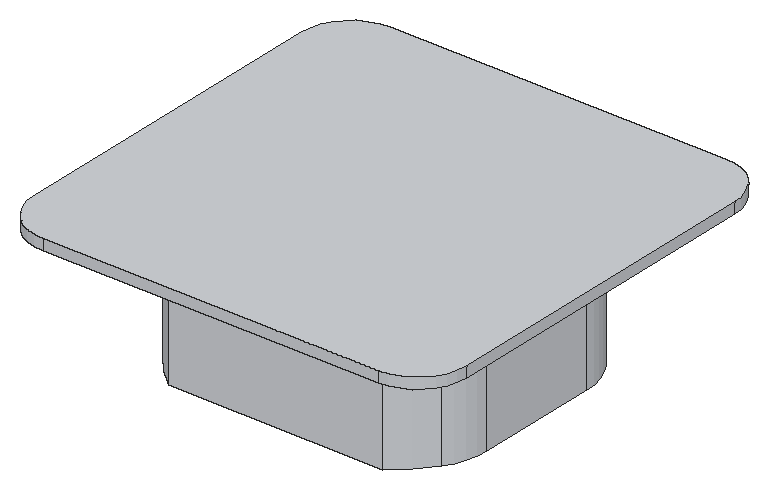
Revit family "Gira_004600", category Electrical Fixtures, host Face, Revit 2017
Family settings
  Host = Face
  Maintain Annotation Orientation = Yes
  Round Connector Dimension = Use Diameter
  Part Type = Normal
  Cut with Voids When Loaded = No
  Shared = No
  Room Calculation Point = No
Parameters (values of type "Antennensteckd. EDU 04 F Einsatz")
  URL = "http://katalog.gira.de/de_DE/datenblatt.html?artikelnr=004600"
  Region = "DE"
  Name = "Antennensteckd. EDU 04 F Einsatz"
  Manufacturer URL = "https://www.gira.de/"
  Keynote = "Einsatz_1fach"
  Kabelmodemtauglich = "Yes"
  HeinzeBIM = "https://bimportal.heinze.de/bim/antennensteckd-edu-04-f-einsatz/720ada89a39eb3c7da4a19638e26af7ddd6bef4e"
  HAN = "004600"
  GTIN = "4010337046004"
  Frequenz = "4000000 - 2400000000"
  Fernspeisetauglich = "No"
  Default Elevation = 1219.2 mm
  Data sheet (1) = "https://katalog.gira.de/de_DE/download.html?artikelnr=004600"
  Category = "Antennensteckdose"
  Available = "Yes"
  Ausführung = "Durchgangsdose"
  Anzahl der Auslässe = "2 "
  Anschlussdämpfung bei 860 MHz = "0,5 B"
  Anschlussdämpfung bei 2150 MHz = "0,5 B"
Reference planes
  plane 1 "Center (Front/Back)": y = 0
  plane 2: z = 0
  plane 3 "Center (Left/Right)": x = 0
Forms (mm)
  Extrusion 1, solid, detail levels fine
    sketch origin (0, 0, 0) x (1, 0, 0) y (0, 1, 0)
      loop
        line (27.475, 35.475) -> (-27.475, 35.475)
        arc (-27.475, 35.475) -> (-33.132, 33.132) -> (-35.475, 27.475) r 8
        line (-35.475, 27.475) -> (-35.475, -27.475)
        arc (-35.475, -27.475) -> (-33.132, -33.132) -> (-27.475, -35.475) r 8
        line (-27.475, -35.475) -> (27.475, -35.475)
        arc (27.475, -35.475) -> (33.132, -33.132) -> (35.475, -27.475) r 8
        line (35.475, -27.475) -> (35.475, 27.475)
        arc (35.475, 27.475) -> (33.132, 33.132) -> (27.475, 35.475) r 8
    from 0 to 1.8
  Extrusion 2, solid, detail levels fine
    sketch origin (0, 0, 0) x (1, 0, 0) y (0, 1, 0)
      loop
        line (9.678, 25.4) -> (-9.678, 25.4)
        arc (-9.678, 25.4) -> (-12.885, 24.922) -> (-15.814, 23.53) r 11
        arc (-15.814, 23.53) -> (-17.795, 22.07) -> (-19.641, 20.444) r 28.35
        arc (-19.641, 20.444) -> (-21.339, 18.665) -> (-22.876, 16.745) r 28.35
        arc (-22.876, 16.745) -> (-24.456, 13.666) -> (-25, 10.248) r 11
        line (-25, 10.248) -> (-25, -10.248)
        arc (-25, -10.248) -> (-24.456, -13.666) -> (-22.876, -16.745) r 11
        arc (-22.876, -16.745) -> (-20.409, -19.677) -> (-17.569, -22.25) r 28.35
        line (-17.569, -22.25) -> (17.569, -22.25)
        arc (17.569, -22.25) -> (20.409, -19.677) -> (22.876, -16.745) r 28.35
        arc (22.876, -16.745) -> (24.456, -13.666) -> (25, -10.248) r 11
        line (25, -10.248) -> (25, 10.248)
        arc (25, 10.248) -> (24.456, 13.666) -> (22.876, 16.745) r 11
        arc (22.876, 16.745) -> (21.593, 18.37) -> (20.195, 19.897) r 28.35
        arc (20.195, 19.897) -> (18.096, 21.823) -> (15.814, 23.53) r 28.35
        arc (15.814, 23.53) -> (12.885, 24.922) -> (9.678, 25.4) r 11
    from -22 to 0
  Extrusion 3, solid, detail levels medium
    sketch origin (0, 0, 0) x (1, 0, 0) y (0, 1, 0)
      loop
        line (-25, 25.4) -> (-25, -22.25) -> (25, -22.25) -> (25, 25.4) -> (-25, 25.4)
    from -22 to 0
  Extrusion 4, solid, detail levels coarse
    sketch origin (0, 0, 0) x (1, 0, 0) y (0, 1, 0)
      loop
        line (35.475, 35.475) -> (-35.475, 35.475) -> (-35.475, -35.475) -> (35.475, -35.475) -> (35.475, 35.475)
    from -22 to 1.8
  Extrusion 5, solid, detail levels medium
    sketch origin (0, 0, 0) x (1, 0, 0) y (0, 1, 0)
      loop
        line (35.475, 35.475) -> (-35.475, 35.475) -> (-35.475, -35.475) -> (35.475, -35.475) -> (35.475, 35.475)
    from 0 to 1.8
Dimensions and locks
  aligned and locked: plane 2 to host face
  aligned and locked: level to host face
  aligned and locked: plane 3 "Center (Left/Right)" to nested 1
  aligned and locked: plane 1 "Center (Front/Back)" to nested 1
Nested families
  nested 1: "RJ45-Datendose Beschriftung" at (0, 0, 0), type "RJ45-Datendose Beschriftung"
Connectors
  electrical at (0, 0, -22)
    settings: on Extrusion 4, index 1, voltage 220 V, apparent load 0 VA, apparent load phase1 0 VA, apparent load phase2 0 VA, apparent load phase3 0 VA, power factor 1, load classification "Other", number of poles 1, system type 30, power factor state 1, is connector primary yes, connector utility no, sub classification motor no, connector description ""
Definition of nested family "RJ45-Datendose Beschriftung"
  Reference planes
    plane 1: y = 0
    plane 2: x = 0
  Lines and regions (mm)
    Filled region 1, type "Gefüllter Bereich 1"
      outline origin (0, 0, 0) x (1, 0, 0) y (0, 1, 0)
        loop
          circle (0, 2.4) r 0.4
    detail lines
      curve 1: line (0, 0, 0) -> (0, 2, 0)
      curve 2: line (0, 2, 0) -> (1.2, 2, 0)
      curve 3: line (1.2, 2, 0) -> (1.2, 3.6, 0)
      curve 4: circle (0, 2.4, 0) r 0.4 normal (0, 0, 1)
      curve 5: line (0, 2, 0) -> (-1.2, 2, 0)
      curve 6: line (-1.2, 2, 0) -> (-1.2, 3.6, 0)
